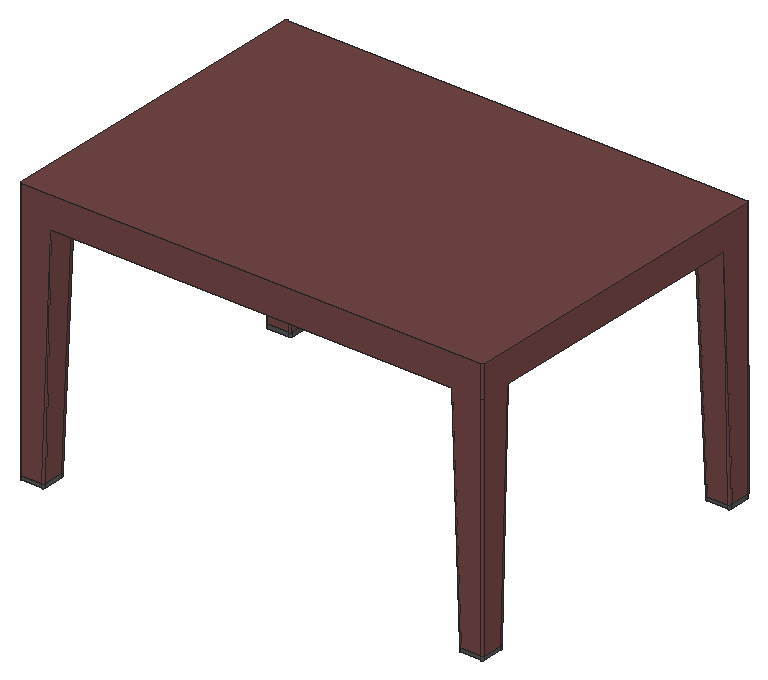
Revit family "Haworth_Janus_Quinta_Table_Occasional", category Furniture, Revit 2018
Family settings
  OmniClass Number = 23.40.70.14.64.21
  OmniClass Title = Systems Furniture
  Work Plane-Based = No
  Always vertical = Yes
  Cut with Voids When Loaded = No
  Shared = No
  Room Calculation Point = No
Parameters (values of type "HCJC-QN-TOR28-J - Large Rectangle")
  Warranty = "https://www.haworth.com/resources/product-info/warranties"
  URL - Product = "https://www.haworth.com/na/en/products/side-occasional/quinta-table.html"
  Type Comments = ""
  Top Finish [instance] = Haworth _ Fabric _ JANUSfiber _ Bronze JJF-40
  Square = no
  Small Rectangle = no
  Model = "HCJC-QN-TOR28-J"
  URL = "http://www.haworth.com/our-brands/haworth-collection"
  Size = "Verify Final Dim. w/ Haworth"  # constant formula
  Revision Number = "2"  # constant formula
  Manufacturer = "Haworth"  # constant formula
  Leg Height = if(Square, 12 37/256", if(Small Rectangle, 14 163/256", 13 227/256"))  # 13 227/256"
  Large Rectangle = not(or(Small Rectangle, Square))  # yes
  Glide Finish = Haworth _ Polymer _ Black
  Description = "Haworth Janus Quinta - Large Rectangle Occasional Table"
  Base Finish [instance] = Haworth _ Fabric _ JANUSfiber _ Bronze JJF-40
  Author = "Haworth (Abd Rahman)"  # constant formula
  Assembly Code = "E2020200"
  Actual Width = if(Square, 17 3/4", if(Small Rectangle, 23 1/2", 27 1/2"))  # 27 1/2"
  Actual Height = if(Square, 14", if(Small Rectangle, 16 1/2", 15 3/4"))  # 15 3/4"
  Actual Depth = if(Square, 17 3/4", if(Small Rectangle, 19", 19 3/4"))  # 19 3/4"
Types (4): name | Square | Small Rectangle | Model | Leg Height | Large Rectangle | Description | Actual Width | Actual Height | Actual Depth
  (no name) | no | no | "HCJC-QN-TOR28-J" | 13 227/256" | yes | "Haworth Janus Quinta - Large Rectangle Occasional Table" | 27 1/2" | 15 3/4" | 19 3/4"
  HCJC-QN-TOQ18-J - Square | yes | no | "HCJC-QN-TOQ18-J" | 12 37/256" | no | "Haworth Janus Quinta - Square Occasional Table" | 17 3/4" | 14" | 17 3/4"
  HCJC-QN-TOR24-J - Small Rectangle | no | yes | "HCJC-QN-TOR24-J" | 14 163/256" | no | "Haworth Janus Quinta - Small Rectangle Occasional Table" | 23 1/2" | 16 1/2" | 19"
  HCJC-QN-TOR28-J - Large Rectangle | no | no | "HCJC-QN-TOR28-J" | 13 227/256" | yes | "Haworth Janus Quinta - Large Rectangle Occasional Table" | 27 1/2" | 15 3/4" | 19 3/4"
Reference planes (in)
  plane 1 "Center F/B": y = -0.15866
  plane 2 "Floor": z = 0
  plane 3 "Center L/R": x = -0.125
  plane 4: z = 0
  plane 5: x = -13.875
  plane 6: y = 9.71634
  plane 7: y = -10.03366
  plane 8: x = 13.625
  plane 9: z = 15.75
  plane 10: z = 13.88672
  plane 11: x = 12.16621
  plane 12: x = 11.76511
  plane 13: y = 7.86002
  plane 14: y = 8.26112
  plane 15: x = -12.41621
  plane 16: x = -12.01511
  plane 17: y = -8.17229
  plane 18: y = -8.5734
  plane 19: z = 0.25
Forms (in)
  Extrusion 1, solid, material "Haworth _ Fabric _ JANUSfiber _ Bronze JJF-40" <- "Base Finish"
    sketch origin (0, 0, 0) x (1, 0, 0) y (0, 1, 0)
      loop
        arc (-13.74934, 9.71634) -> (-13.83819, 9.67954) -> (-13.875, 9.59068) r 0.12566
        line (-13.875, 9.59068) -> (-13.875, -9.90866)
        arc (-13.875, -9.90866) -> (-13.83839, -9.99705) -> (-13.75, -10.03366) r 0.125
        line (-13.75, -10.03366) -> (13.4985, -10.03366)
        arc (13.4985, -10.03366) -> (13.58795, -9.99661) -> (13.625, -9.90716) r 0.1265
        line (13.625, -9.90716) -> (13.625, 9.58954)
        arc (13.625, 9.58954) -> (13.58786, 9.6792) -> (13.4982, 9.71634) r 0.1268
        line (13.4982, 9.71634) -> (-13.74934, 9.71634)
    from 13.88672 to 15.75
  Blend 2, solid, material "Haworth _ Fabric _ JANUSfiber _ Bronze JJF-40" <- "Base Finish"
    base sketch origin (-0.25, -0.31732, 0) x (-1, 0, 0) y (0, -1, 0)
      loop
        arc (12.29121, 9.71634) -> (12.20282, 9.67973) -> (12.16621, 9.59134) r 0.125
        line (12.16621, 9.59134) -> (12.16621, 8.37945)
        arc (12.16621, 8.37945) -> (12.20234, 8.29221) -> (12.28959, 8.25608) r 0.12338
        line (12.28959, 8.25608) -> (13.50122, 8.25608)
        arc (13.50122, 8.25608) -> (13.58874, 8.29233) -> (13.625, 8.37986) r 0.12378
        line (13.625, 8.37986) -> (13.625, 9.59134)
        arc (13.625, 9.59134) -> (13.58839, 9.67973) -> (13.5, 9.71634) r 0.125
        line (13.5, 9.71634) -> (12.29121, 9.71634)
    top sketch origin (-0.25, -0.31732, 0) x (-1, 0, 0) y (0, -1, 0)
      loop
        line (11.76511, 9.71634) -> (11.76511, 8.10498)
        arc (11.76511, 8.10498) -> (11.83833, 7.9282) -> (12.01511, 7.85498) r 0.25
        line (12.01511, 7.85498) -> (13.625, 7.85498) -> (13.625, 9.59134)
        arc (13.625, 9.59134) -> (13.58839, 9.67973) -> (13.5, 9.71634) r 0.125
        line (13.5, 9.71634) -> (11.76511, 9.71634)
    from 0.25 to 13.88672
  Extrusion 3, solid, material "Haworth _ Polymer _ Black" <- "Glide Finish"
    sketch origin (0, 0, 0) x (1, 0, 0) y (0, 1, 0)
      loop
        arc (12.29121, 9.71634) -> (12.20282, 9.67973) -> (12.16621, 9.59134) r 0.125
        line (12.16621, 9.59134) -> (12.16621, 8.38752)
        arc (12.16621, 8.38752) -> (12.20323, 8.29814) -> (12.2926, 8.26112) r 0.1264
        line (12.2926, 8.26112) -> (13.4998, 8.26112)
        arc (13.4998, 8.26112) -> (13.58833, 8.29779) -> (13.625, 8.38632) r 0.1252
        line (13.625, 8.38632) -> (13.625, 9.59134)
        arc (13.625, 9.59134) -> (13.58839, 9.67973) -> (13.5, 9.71634) r 0.125
        line (13.5, 9.71634) -> (12.29121, 9.71634)
    from 0 to 0.25
  Extrusion 4, solid, material "Haworth _ Polymer _ Black" <- "Glide Finish"
    sketch origin (-0.25, 0, 0) x (-1, 0, 0) y (0, -1, 0)
      loop
        line (12.29121, -9.71634) -> (13.5, -9.71634)
        arc (13.5, -9.71634) -> (13.58839, -9.67973) -> (13.625, -9.59134) r 0.125
        line (13.625, -9.59134) -> (13.625, -8.38632)
        arc (13.625, -8.38632) -> (13.58833, -8.29779) -> (13.4998, -8.26112) r 0.1252
        line (13.4998, -8.26112) -> (12.2926, -8.26112)
        arc (12.2926, -8.26112) -> (12.20323, -8.29814) -> (12.16621, -8.38752) r 0.1264
        line (12.16621, -8.38752) -> (12.16621, -9.59134)
        arc (12.16621, -9.59134) -> (12.20282, -9.67973) -> (12.29121, -9.71634) r 0.125
    from 0 to 0.25
  Extrusion 5, solid, material "Haworth _ Polymer _ Black" <- "Glide Finish"
    sketch origin (0, -0.31732, 0) x (1, 0, 0) y (0, 1, 0)
      loop
        line (12.29121, -9.71634) -> (13.5, -9.71634)
        arc (13.5, -9.71634) -> (13.58839, -9.67973) -> (13.625, -9.59134) r 0.125
        line (13.625, -9.59134) -> (13.625, -8.38128)
        arc (13.625, -8.38128) -> (13.58833, -8.29275) -> (13.4998, -8.25608) r 0.1252
        line (13.4998, -8.25608) -> (12.2926, -8.25608)
        arc (12.2926, -8.25608) -> (12.20323, -8.2931) -> (12.16621, -8.38247) r 0.1264
        line (12.16621, -8.38247) -> (12.16621, -9.59134)
        arc (12.16621, -9.59134) -> (12.20282, -9.67973) -> (12.29121, -9.71634) r 0.125
    from 0 to 0.25
  Extrusion 6, solid, material "Haworth _ Polymer _ Black" <- "Glide Finish"
    sketch origin (-0.25, -0.31732, 0) x (-1, 0, 0) y (0, -1, 0)
      loop
        arc (12.29121, 9.71634) -> (12.20282, 9.67973) -> (12.16621, 9.59134) r 0.125
        line (12.16621, 9.59134) -> (12.16621, 8.38247)
        arc (12.16621, 8.38247) -> (12.20323, 8.2931) -> (12.2926, 8.25608) r 0.1264
        line (12.2926, 8.25608) -> (13.4998, 8.25608)
        arc (13.4998, 8.25608) -> (13.58833, 8.29275) -> (13.625, 8.38128) r 0.1252
        line (13.625, 8.38128) -> (13.625, 9.59134)
        arc (13.625, 9.59134) -> (13.58839, 9.67973) -> (13.5, 9.71634) r 0.125
        line (13.5, 9.71634) -> (12.29121, 9.71634)
    from 0 to 0.25
  Blend 7, solid, material "Haworth _ Fabric _ JANUSfiber _ Bronze JJF-40" <- "Base Finish"
    base sketch origin (0, -0.31732, 0) x (1, 0, 0) y (0, 1, 0)
      loop
        line (12.29121, -9.71634) -> (13.5, -9.71634)
        arc (13.5, -9.71634) -> (13.58839, -9.67973) -> (13.625, -9.59134) r 0.125
        line (13.625, -9.59134) -> (13.625, -8.37986)
        arc (13.625, -8.37986) -> (13.58874, -8.29233) -> (13.50122, -8.25608) r 0.12378
        line (13.50122, -8.25608) -> (12.28959, -8.25608)
        arc (12.28959, -8.25608) -> (12.20234, -8.29221) -> (12.16621, -8.37945) r 0.12338
        line (12.16621, -8.37945) -> (12.16621, -9.59134)
        arc (12.16621, -9.59134) -> (12.20282, -9.67973) -> (12.29121, -9.71634) r 0.125
    top sketch origin (0, -0.31732, 0) x (1, 0, 0) y (0, 1, 0)
      loop
        line (11.76511, -9.71634) -> (13.4985, -9.71634)
        arc (13.4985, -9.71634) -> (13.58795, -9.67929) -> (13.625, -9.58985) r 0.1265
        line (13.625, -9.58985) -> (13.625, -7.85498) -> (12.01511, -7.85498)
        arc (12.01511, -7.85498) -> (11.83833, -7.9282) -> (11.76511, -8.10498) r 0.25
        line (11.76511, -8.10498) -> (11.76511, -9.71634)
    from 0.25 to 13.88672
  Blend 8, solid, material "Haworth _ Fabric _ JANUSfiber _ Bronze JJF-40" <- "Base Finish"
    base sketch origin (0, 0, 0) x (1, 0, 0) y (0, 1, 0)
      loop
        arc (12.29121, 9.71634) -> (12.20282, 9.67973) -> (12.16621, 9.59134) r 0.125
        line (12.16621, 9.59134) -> (12.16621, 8.37945)
        arc (12.16621, 8.37945) -> (12.20234, 8.29221) -> (12.28959, 8.25608) r 0.12338
        line (12.28959, 8.25608) -> (13.50122, 8.25608)
        arc (13.50122, 8.25608) -> (13.58874, 8.29233) -> (13.625, 8.37986) r 0.12378
        line (13.625, 8.37986) -> (13.625, 9.59134)
        arc (13.625, 9.59134) -> (13.58839, 9.67973) -> (13.5, 9.71634) r 0.125
        line (13.5, 9.71634) -> (12.29121, 9.71634)
    top sketch origin (0, 0, 0) x (1, 0, 0) y (0, 1, 0)
      loop
        line (11.76511, 9.71634) -> (11.76511, 8.10498)
        arc (11.76511, 8.10498) -> (11.83833, 7.9282) -> (12.01511, 7.85498) r 0.25
        line (12.01511, 7.85498) -> (13.625, 7.85498) -> (13.625, 9.58954)
        arc (13.625, 9.58954) -> (13.58786, 9.6792) -> (13.4982, 9.71634) r 0.1268
        line (13.4982, 9.71634) -> (11.76511, 9.71634)
    from 0.25 to 13.88672
  Blend 9, solid, material "Haworth _ Fabric _ JANUSfiber _ Bronze JJF-40" <- "Base Finish"
    base sketch origin (-0.25, 0, 0) x (-1, 0, 0) y (0, -1, 0)
      loop
        line (12.29121, -9.71634) -> (13.5, -9.71634)
        arc (13.5, -9.71634) -> (13.58839, -9.67973) -> (13.625, -9.59134) r 0.125
        line (13.625, -9.59134) -> (13.625, -8.37986)
        arc (13.625, -8.37986) -> (13.58874, -8.29233) -> (13.50122, -8.25608) r 0.12378
        line (13.50122, -8.25608) -> (12.28959, -8.25608)
        arc (12.28959, -8.25608) -> (12.20234, -8.29221) -> (12.16621, -8.37945) r 0.12338
        line (12.16621, -8.37945) -> (12.16621, -9.59134)
        arc (12.16621, -9.59134) -> (12.20282, -9.67973) -> (12.29121, -9.71634) r 0.125
    top sketch origin (-0.25, 0, 0) x (-1, 0, 0) y (0, -1, 0)
      loop
        line (11.76511, -9.71634) -> (13.49934, -9.71634)
        arc (13.49934, -9.71634) -> (13.58819, -9.67954) -> (13.625, -9.59068) r 0.12566
        line (13.625, -9.59068) -> (13.625, -7.85498) -> (12.01511, -7.85498)
        arc (12.01511, -7.85498) -> (11.83833, -7.9282) -> (11.76511, -8.10498) r 0.25
        line (11.76511, -8.10498) -> (11.76511, -9.71634)
    from 0.25 to 13.88672
Cuts and joins
  joined: Extrusion 1, Blend 2, Blend 7, Blend 8, Blend 9
Lines and regions (in)
  Masking region 1
    outline origin (0, 0, 0) x (1, 0, 0) y (0, 1, 0)
      loop
        arc (-13.74934, 9.71634) -> (-13.83819, 9.67954) -> (-13.875, 9.59068) r 0.12566
        line (-13.875, 9.59068) -> (-13.875, -9.90866)
        arc (-13.875, -9.90866) -> (-13.83839, -9.99705) -> (-13.75, -10.03366) r 0.125
        line (-13.75, -10.03366) -> (13.4985, -10.03366)
        arc (13.4985, -10.03366) -> (13.58795, -9.99661) -> (13.625, -9.90716) r 0.1265
        line (13.625, -9.90716) -> (13.625, 9.58954)
        arc (13.625, 9.58954) -> (13.58786, 9.6792) -> (13.4982, 9.71634) r 0.1268
        line (13.4982, 9.71634) -> (-13.74934, 9.71634)
  symbolic lines, style "Haworth"
    curve 1: line (-12.01511, 8.10498, 0) -> (-12.01511, 9.71634, 0)
    curve 2: line (-13.875, 7.86002, 0) -> (-12.21512, 7.86002, 0)
    curve 3: line (-13.875, 9.59068, 0) -> (-13.875, 7.86002, 0)
    curve 4: line (-12.01511, 9.71634, 0) -> (-13.74934, 9.71634, 0)
    curve 5: arc (-13.74934, 9.71634, 0) -> (-13.83819, 9.67954, 0) -> (-13.875, 9.59068, 0) r 0.12566
    curve 6: arc (-12.01511, 8.10498, 0) -> (-12.07146, 7.94686, 0) -> (-12.21512, 7.86002, 0) r 0.25
    curve 7: line (11.76511, 8.10498, 0) -> (11.76511, 9.71634, 0)
    curve 8: line (13.625, 7.86002, 0) -> (11.96512, 7.86002, 0)
    curve 9: line (13.625, 9.59068, 0) -> (13.625, 7.86002, 0)
    curve 10: line (11.76511, 9.71634, 0) -> (13.49934, 9.71634, 0)
    curve 11: arc (13.49934, 9.71634, 0) -> (13.58819, 9.67954, 0) -> (13.625, 9.59068, 0) r 0.12566
    curve 12: arc (11.76511, 8.10498, 0) -> (11.82146, 7.94686, 0) -> (11.96512, 7.86002, 0) r 0.25
    curve 13: line (-12.01511, -8.42229, 0) -> (-12.01511, -10.03366, 0)
    curve 14: line (-13.875, -8.17734, 0) -> (-12.21512, -8.17734, 0)
    curve 15: line (-13.875, -9.908, 0) -> (-13.875, -8.17734, 0)
    curve 16: line (-12.01511, -10.03366, 0) -> (-13.74934, -10.03366, 0)
    curve 17: arc (-13.74934, -10.03366, 0) -> (-13.83819, -9.99685, 0) -> (-13.875, -9.908, 0) r 0.12566
    curve 18: arc (-12.01511, -8.42229, 0) -> (-12.07146, -8.26417, 0) -> (-12.21512, -8.17734, 0) r 0.25
    curve 19: line (11.76511, -8.42229, 0) -> (11.76511, -10.03366, 0)
    curve 20: line (13.625, -8.17734, 0) -> (11.96512, -8.17734, 0)
    curve 21: line (13.625, -9.908, 0) -> (13.625, -8.17734, 0)
    curve 22: line (11.76511, -10.03366, 0) -> (13.49934, -10.03366, 0)
    curve 23: arc (13.49934, -10.03366, 0) -> (13.58819, -9.99685, 0) -> (13.625, -9.908, 0) r 0.12566
    curve 24: arc (11.76511, -8.42229, 0) -> (11.82146, -8.26417, 0) -> (11.96512, -8.17734, 0) r 0.25
Dimensions and locks (in)
  "Actual Width": plane 5 to plane 8
  equal spacing: plane 5, plane 3 "Center L/R", plane 8
  "Actual Height": plane 9 to plane 4
  "Leg Height": plane 10 to plane 4
  "Actual Depth": plane 6 to plane 7
  equal spacing: plane 6, plane 1 "Center F/B", plane 7
  plane 5 to plane 15 to plane 16 = 1.45879" locked, 0.4011" locked
  plane 12 to plane 11 to plane 8 = 0.4011" locked, 1.45879" locked
  plane 7 to plane 18 to plane 17 = 1.46026" locked, 0.4011" locked
  plane 6 to plane 14 to plane 13 = 1.45522" locked, 0.4011" locked
  aligned and locked: plane 8 to Extrusion 1 sketch curve
  aligned and locked: plane 6 to Extrusion 1 sketch curve
  aligned and locked: plane 5 to Extrusion 1 sketch curve
  aligned and locked: plane 7 to Extrusion 1 sketch curve
  aligned and locked: plane 9 to Extrusion 1
  aligned and locked: Extrusion 1 to plane 10
  aligned and locked: plane 10 to Blend 2
  aligned and locked: plane 8 to Extrusion 3 sketch curve
  aligned and locked: plane 6 to Extrusion 3 sketch curve
  aligned and locked: Extrusion 3 sketch curve to plane 11
  aligned and locked: plane 14 to Extrusion 3 sketch curve
  aligned and locked: plane 19 to Extrusion 3
  aligned and locked: Blend 2 to plane 19
  aligned and locked: Extrusion 4 sketch curve to plane 5
  aligned and locked: Extrusion 4 sketch curve to plane 6
  aligned and locked: plane 15 to Extrusion 4 sketch curve
  aligned and locked: Extrusion 4 sketch curve to plane 14
  aligned and locked: plane 5 to Extrusion 6 sketch curve
  aligned and locked: plane 18 to Extrusion 6 sketch curve
  aligned and locked: Extrusion 6 sketch curve to plane 15
  aligned and locked: plane 7 to Extrusion 6 sketch curve
  aligned and locked: Extrusion 5 sketch curve to plane 18
  aligned and locked: plane 11 to Extrusion 5 sketch curve
  aligned and locked: Extrusion 5 sketch curve to plane 7
  aligned and locked: Extrusion 5 sketch curve to plane 8
  aligned and locked: plane 19 to Extrusion 5
  aligned and locked: Extrusion 5 to plane 4
  aligned and locked: plane 19 to Extrusion 6
  aligned and locked: plane 19 to Extrusion 4
  aligned and locked: Extrusion 6 to plane 4
  aligned and locked: Extrusion 4 to plane 4
  aligned and locked: Blend 2 to plane 10  (x2)
  aligned and locked: Extrusion 6 to plane 19
  aligned and locked: Blend 7 to plane 17
  aligned and locked: plane 12 to Blend 7
  aligned and locked: Blend 7 to plane 7
  aligned and locked: Blend 7 to plane 8
  aligned and locked: Extrusion 5 to plane 18
  aligned and locked: plane 11 to Extrusion 5
  aligned and locked: Extrusion 5 to plane 7
  aligned and locked: Extrusion 5 to plane 8
  aligned and locked: plane 10 to cut or joined group of Extrusion 1, Blend 2, Blend 7, Blend 8, Blend 9  (x3)
  aligned and locked: plane 8 to Masking region 1 sketch curve
  aligned and locked: plane 7 to Masking region 1 sketch curve
  aligned and locked: plane 5 to Masking region 1 sketch curve
  aligned and locked: plane 6 to Masking region 1 sketch curve
Automatic sketch dimensions
  Extrusion 4 sketch curve to Extrusion 4 sketch curve = 1/8"  (x2)
  Extrusion 4 sketch curve to plane 14 = 0.1264"
  Extrusion 4 sketch curve to plane 5 = 0.1252"
  Extrusion 6 sketch curve to Extrusion 6 sketch curve = 1/8"  (x2)
  Extrusion 6 sketch curve to plane 15 = 0.1264"
  plane 5 to Extrusion 6 sketch curve = 0.1252"
  Blend 9 sketch curve to plane 15 = 0"
  plane 6 to Blend 9 sketch curve = 0"  (x2)
  Blend 9 sketch curve to plane 5 = 0"  (x2)
  plane 15 to Blend 9 sketch curve = 0.12338"
  plane 15 to Blend 9 sketch curve = 1/8"
  Blend 9 sketch curve to plane 5 = 1/8"
  plane 14 to Blend 9 sketch curve = 0.00505"
  Blend 9 sketch curve to plane 5 = 0.12378"
  Blend 9 sketch curve to plane 16 = 0"
  Blend 9 sketch curve to plane 15 = 0.1511"
  Blend 9 sketch curve to plane 5 = 0.12566"  (x2)
  plane 14 to Blend 9 sketch curve = 0.15615"
  Blend 9 sketch curve to plane 6 = 0.12566"
  curve 14 to plane 5 = 0"
  curve 2 to plane 5 = 0"
  plane 6 to curve 5 = 0"
  curve 17 to plane 7 = 0"
  curve 2 to plane 13 = 0"
  curve 16 to plane 16 = 0"
  curve 6 to plane 16 = 0"
  curve 19 to plane 12 = 0"
  curve 12 to plane 12 = 0"
  curve 12 to plane 13 = 0"
  plane 6 to curve 10 = 0"
  curve 22 to plane 7 = 0"
  curve 21 to plane 8 = 0"
  curve 9 to plane 8 = 0"
  plane 5 to curve 5 = 0.12566"
  plane 5 to curve 16 = 0.12566"
  plane 15 to curve 18 = 0.1511"
  plane 15 to curve 6 = 0.1511"
  plane 17 to curve 14 = 0.00505"
  plane 15 to curve 14 = 0.20108"
  plane 15 to curve 2 = 0.20108"
  plane 17 to curve 20 = 0.00505"
  curve 20 to plane 12 = 0.20002"
  curve 8 to plane 12 = 0.20002"
  plane 11 to curve 24 = 0.1511"
  plane 11 to curve 12 = 0.1511"
  plane 8 to curve 10 = 0.12566"
  curve 23 to curve 21 = 0.12566"
  plane 5 to Extrusion 1 sketch curve = 1/8"
  Extrusion 1 sketch curve to Extrusion 1 sketch curve = 0.12566"
  Extrusion 1 sketch curve to Extrusion 1 sketch curve = 0.1268"
  plane 8 to Extrusion 1 sketch curve = 0.1265"
  Blend 2 sketch curve to plane 15 = 0"
  plane 18 to Blend 2 sketch curve = 0"
  Blend 2 sketch curve to plane 7 = 0"  (x2)
  Blend 2 sketch curve to plane 5 = 0"  (x2)
  Blend 2 sketch curve to plane 15 = 0.12338"
  Blend 2 sketch curve to plane 15 = 1/8"
  Blend 2 sketch curve to Blend 2 sketch curve = 1/8"
  plane 5 to Blend 2 sketch curve = 0.12378"
  Blend 2 sketch curve to plane 16 = 0"
  plane 17 to Blend 2 sketch curve = 0"
  plane 15 to Blend 2 sketch curve = 0.1511"
  plane 5 to Blend 2 sketch curve = 1/8"
  Extrusion 3 sketch curve to Extrusion 3 sketch curve = 1/8"  (x2)
  Extrusion 3 sketch curve to Extrusion 3 sketch curve = 0.1264"
  plane 8 to Extrusion 3 sketch curve = 0.1252"
  Extrusion 5 sketch curve to Extrusion 5 sketch curve = 1/8"  (x2)
  Extrusion 5 sketch curve to Extrusion 5 sketch curve = 0.1264"
  Extrusion 5 sketch curve to plane 8 = 0.1252"
  Blend 7 sketch curve to plane 11 = 0"
  plane 18 to Blend 7 sketch curve = 0"
  Blend 7 sketch curve to plane 7 = 0"  (x2)
  Blend 7 sketch curve to plane 8 = 0"  (x2)
  Blend 7 sketch curve to Blend 7 sketch curve = 0.12338"
  plane 11 to Blend 7 sketch curve = 1/8"
  Blend 7 sketch curve to plane 7 = 1/8"
  Blend 7 sketch curve to plane 8 = 0.12378"
  Blend 7 sketch curve to plane 12 = 0"
  plane 17 to Blend 7 sketch curve = 0"
  Blend 7 sketch curve to plane 11 = 0.1511"
  Blend 7 sketch curve to plane 8 = 0.1265"
  Blend 8 sketch curve to plane 11 = 0"
  plane 6 to Blend 8 sketch curve = 0"  (x2)
  Blend 8 sketch curve to plane 8 = 0"  (x2)
  Blend 8 sketch curve to Blend 8 sketch curve = 0.12338"
  Blend 8 sketch curve to plane 11 = 1/8"
  plane 6 to Blend 8 sketch curve = 1/8"
  Blend 8 sketch curve to plane 14 = 0.00505"
  plane 8 to Blend 8 sketch curve = 0.12378"
  Blend 8 sketch curve to plane 12 = 0"
  plane 11 to Blend 8 sketch curve = 0.1511"
  plane 8 to Blend 8 sketch curve = 0.1268"
  Blend 8 sketch curve to plane 14 = 0.15615"
  Masking region 1 sketch curve to Masking region 1 sketch curve = 1/8"
  plane 5 to Masking region 1 sketch curve = 0.12566"
  plane 8 to Masking region 1 sketch curve = 0.1268"
  Masking region 1 sketch curve to Masking region 1 sketch curve = 0.1265"
